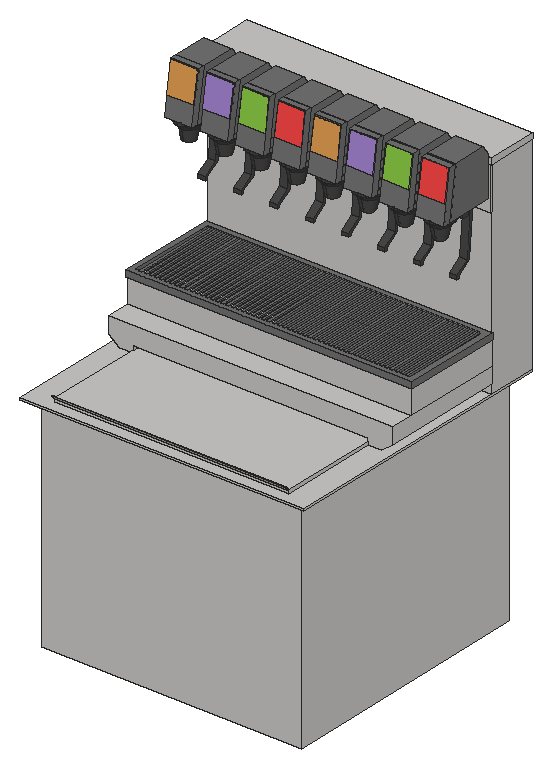
Revit family "QF_LANCER_ICD 2300", category Specialty Equipment, Revit 2012
Parameters
  Weight in Pounds = 0
  Watts = if(Phase = 3, Volts * FL Amps * 1.73, Volts * FL Amps)  # 0 W
  Waste Water Discharge Temperature [instance] = -459.67 °F
  Volts = 115 V
  URL Cutsheet = ""
  Type Mark [instance] = ""
  Status [instance] = ""
  Specification by User [instance] = ""
  Specification by Manufacturer = ""
  Show Clearance [instance] = yes
  Serial Number = ""
  Seismic Rating = ""
  SMACNA No = ""
  Revision Code [instance] = ""
  Plumbing Remarks [instance] = ""
  Plumbing Connection Type [instance] = ""
  Phase = 1
  Omniclass Number and Title = ""
  Number of Poles [instance] = 1
  NAFEM Spec ID Number = ""
  Model = "ICD 2300"
  Min Ckt Ampacity = 0 A
  Max Overcurrent Protection = 0 A
  Masterspec = ""
  Manufacturer = "LANCER"
  Item Number [instance] = ""
  Installed By [instance] = ""
  Indirect Waste Size = 3/4"
  Indirect Waste Flow [instance] = 0 GPM
  Indirect Waste Connection Type [instance] = ""
  Indirect Waste Connection Height = 0.000"
  Identify Quantity as Lot [instance] = yes
  HP = ""
  Furnished By [instance] = ""
  Foodservice Equipment Identifier [instance] = yes
  FL Amps = 0 A
  Electrical Remarks [instance] = ""
  Electric Connection Type [instance] = ""
  Elec Conn RI Height [instance] = 0.000"
  Elec Conn Connection Height [instance] = 0.000"
  Description = "ICE COOLED DROP IN DISPENSER"
  Cycle = 60 Hz
  Conn Plug = ""
  Conn Conduit = yes
  Cold Water Temperature Recommended [instance] = 0 °F
  Cold Water Size = 3/8"
  Cold Water RI Height [instance] = 0.000"
  Cold Water Minimum Pressure = 0.00 psi
  Cold Water Maximum Pressure = 0.00 psi
  Cold Water Flow [instance] = 0 GPM
  Cold Water Consumption = ""
  Cold Water Connection Height = 0.000"
  CSI MasterFormat = ""
  CSI Master Format = ""
  Apparent Power = if(Phase = 3, Volts * FL Amps * 1.73, Volts * FL Amps)  # 0 VA
Reference planes (in)
  plane 1 "BACK": y = 0
  plane 2: z = 0
  plane 3 "LEFT": x = 0
  plane 4 "RIGHT": x = 23
  plane 5 "FRONT": y = -23
  plane 6 "TOP": z = 36.25
  plane 7: x = 11.5
  plane 8: y = -11.5
  plane 9: z = 18
Forms (in)
  Extrusion 1, solid, material "QF_Finishes_Stainless Steel"
    sketch origin (0, 0, 0) x (1, 0, 0) y (0, 1, 0)
      loop
        line (1, -1) -> (1, -22) -> (22, -22) -> (22, -1) -> (1, -1)
    from 0 to 18
  Extrusion 2, solid, material "QF_Finishes_Stainless Steel"
    sketch origin (-16.16073, -180, 18) x (-1, 0, 0) y (0, -1, 0)
      loop
        line (-16.16073, -180) -> (-16.16073, -157) -> (-39.16073, -157) -> (-39.16073, -180) -> (-16.16073, -180)
    from 0 to 0.125
  Extrusion 3, solid, material "QF_Finishes_Stainless Steel"
    sketch origin (-16.16073, -180, 18) x (-1, 0, 0) y (0, -1, 0)
      loop
        line (-16.16073, -180) -> (-16.16073, -176) -> (-39.16073, -176) -> (-39.16073, -180) -> (-16.16073, -180)
    from 0 to 16.85
  Extrusion 4, solid, material "QF_Finishes_Stainless Steel"
    sketch origin (23, -4, 18) x (-1, 0, 0) y (0, 0, -1)
      loop
        line (22.08152, -0.125) -> (20.96875, -0.125) -> (20.96875, -0.625) -> (2.03125, -0.625) -> (2.03125, -0.125) -> (0.91848, -0.125) -> (0, -0.84669) -> (0, -2.125) -> (23, -2.125) -> (23, -0.84669) -> (22.08152, -0.125)
    from 0 to 10
  Extrusion 5, solid, material "QF_Finishes_Stainless Steel"
    sketch origin (0, -4, 20.125) x (1, 0, 0) y (0, 1, 0)
      loop
        line (0, 0) -> (0, -8.09495) -> (23, -8.09495) -> (23, 0) -> (0, 0)
    from 0 to 2
  Extrusion 6, solid, material "QF_Finishes_Dark Grey"
    sketch origin (0, -4, 22.125) x (1, 0, 0) y (0, 1, 0)
      loop
        line (0.375, -7.71995) -> (22.625, -7.71995) -> (22.625, -0.5) -> (0.375, -0.5) -> (0.375, -7.71995)
      loop
        line (-0.062, -8.15695) -> (23.062, -8.15695) -> (23.062, 0) -> (-0.062, 0) -> (-0.062, -8.15695)
    from 0 to 0.5
  Extrusion 7, solid, material "QF_Finishes_Dark Grey"
    sketch origin (0, -4, 22.625) x (1, 0, 0) y (0, 1, 0)
      loop
        line (0.63447, -7.71995) -> (0.80916, -7.71995) -> (0.80916, -0.5) -> (0.63447, -0.5) -> (0.63447, -7.71995)
      loop
        line (1.0491, -7.71995) -> (1.22379, -7.71995) -> (1.22379, -0.5) -> (1.0491, -0.5) -> (1.0491, -7.71995)
      loop
        line (1.46373, -7.71995) -> (1.63842, -7.71995) -> (1.63842, -0.5) -> (1.46373, -0.5) -> (1.46373, -7.71995)
      loop
        line (1.87836, -7.71995) -> (2.05306, -7.71995) -> (2.05306, -0.5) -> (1.87836, -0.5) -> (1.87836, -7.71995)
      loop
        line (2.29299, -7.71995) -> (2.46769, -7.71995) -> (2.46769, -0.5) -> (2.29299, -0.5) -> (2.29299, -7.71995)
      loop
        line (2.70762, -7.71995) -> (2.88232, -7.71995) -> (2.88232, -0.5) -> (2.70762, -0.5) -> (2.70762, -7.71995)
      loop
        line (3.12226, -7.71995) -> (3.29695, -7.71995) -> (3.29695, -0.5) -> (3.12226, -0.5) -> (3.12226, -7.71995)
      loop
        line (3.53689, -7.71995) -> (3.71158, -7.71995) -> (3.71158, -0.5) -> (3.53689, -0.5) -> (3.53689, -7.71995)
      loop
        line (3.95152, -7.71995) -> (4.12621, -7.71995) -> (4.12621, -0.5) -> (3.95152, -0.5) -> (3.95152, -7.71995)
      loop
        line (4.36615, -7.71995) -> (4.54084, -7.71995) -> (4.54084, -0.5) -> (4.36615, -0.5) -> (4.36615, -7.71995)
      loop
        line (4.78078, -7.71995) -> (4.95547, -7.71995) -> (4.95547, -0.5) -> (4.78078, -0.5) -> (4.78078, -7.71995)
      loop
        line (5.19541, -7.71995) -> (5.37011, -7.71995) -> (5.37011, -0.5) -> (5.19541, -0.5) -> (5.19541, -7.71995)
      loop
        line (5.61004, -7.71995) -> (5.78474, -7.71995) -> (5.78474, -0.5) -> (5.61004, -0.5) -> (5.61004, -7.71995)
      loop
        line (6.02467, -7.71995) -> (6.19937, -7.71995) -> (6.19937, -0.5) -> (6.02467, -0.5) -> (6.02467, -7.71995)
      loop
        line (6.4393, -7.71995) -> (6.614, -7.71995) -> (6.614, -0.5) -> (6.4393, -0.5) -> (6.4393, -7.71995)
      loop
        line (6.85394, -7.71995) -> (7.02863, -7.71995) -> (7.02863, -0.5) -> (6.85394, -0.5) -> (6.85394, -7.71995)
      loop
        line (7.26857, -7.71995) -> (7.44326, -7.71995) -> (7.44326, -0.5) -> (7.26857, -0.5) -> (7.26857, -7.71995)
      loop
        line (7.6832, -7.71995) -> (7.85789, -7.71995) -> (7.85789, -0.5) -> (7.6832, -0.5) -> (7.6832, -7.71995)
      loop
        line (8.09783, -7.71995) -> (8.27252, -7.71995) -> (8.27252, -0.5) -> (8.09783, -0.5) -> (8.09783, -7.71995)
      loop
        line (8.51246, -7.71995) -> (8.68716, -7.71995) -> (8.68716, -0.5) -> (8.51246, -0.5) -> (8.51246, -7.71995)
      loop
        line (8.92709, -7.71995) -> (9.10179, -7.71995) -> (9.10179, -0.5) -> (8.92709, -0.5) -> (8.92709, -7.71995)
      loop
        line (9.34172, -7.71995) -> (9.51642, -7.71995) -> (9.51642, -0.5) -> (9.34172, -0.5) -> (9.34172, -7.71995)
      loop
        line (9.75635, -7.71995) -> (9.93105, -7.71995) -> (9.93105, -0.5) -> (9.75635, -0.5) -> (9.75635, -7.71995)
      loop
        line (10.17099, -7.71995) -> (10.34568, -7.71995) -> (10.34568, -0.5) -> (10.17099, -0.5) -> (10.17099, -7.71995)
      loop
        line (10.58562, -7.71995) -> (10.76031, -7.71995) -> (10.76031, -0.5) -> (10.58562, -0.5) -> (10.58562, -7.71995)
      loop
        line (11.00025, -7.71995) -> (11.17494, -7.71995) -> (11.17494, -0.5) -> (11.00025, -0.5) -> (11.00025, -7.71995)
      loop
        line (11.41488, -7.71995) -> (11.58957, -7.71995) -> (11.58957, -0.5) -> (11.41488, -0.5) -> (11.41488, -7.71995)
      loop
        line (11.82951, -7.71995) -> (12.0042, -7.71995) -> (12.0042, -0.5) -> (11.82951, -0.5) -> (11.82951, -7.71995)
      loop
        line (12.24414, -7.71995) -> (12.41884, -7.71995) -> (12.41884, -0.5) -> (12.24414, -0.5) -> (12.24414, -7.71995)
      loop
        line (12.65877, -7.71995) -> (12.83347, -7.71995) -> (12.83347, -0.5) -> (12.65877, -0.5) -> (12.65877, -7.71995)
      loop
        line (13.0734, -7.71995) -> (13.2481, -7.71995) -> (13.2481, -0.5) -> (13.0734, -0.5) -> (13.0734, -7.71995)
      loop
        line (13.48804, -7.71995) -> (13.66273, -7.71995) -> (13.66273, -0.5) -> (13.48804, -0.5) -> (13.48804, -7.71995)
      loop
        line (13.90267, -7.71995) -> (14.07736, -7.71995) -> (14.07736, -0.5) -> (13.90267, -0.5) -> (13.90267, -7.71995)
      loop
        line (14.3173, -7.71995) -> (14.49199, -7.71995) -> (14.49199, -0.5) -> (14.3173, -0.5) -> (14.3173, -7.71995)
      loop
        line (14.73193, -7.71995) -> (14.90662, -7.71995) -> (14.90662, -0.5) -> (14.73193, -0.5) -> (14.73193, -7.71995)
      loop
        line (15.14656, -7.71995) -> (15.32125, -7.71995) -> (15.32125, -0.5) -> (15.14656, -0.5) -> (15.14656, -7.71995)
      loop
        line (15.56119, -7.71995) -> (15.73589, -7.71995) -> (15.73589, -0.5) -> (15.56119, -0.5) -> (15.56119, -7.71995)
      loop
        line (15.97582, -7.71995) -> (16.15052, -7.71995) -> (16.15052, -0.5) -> (15.97582, -0.5) -> (15.97582, -7.71995)
      loop
        line (16.39045, -7.71995) -> (16.56515, -7.71995) -> (16.56515, -0.5) -> (16.39045, -0.5) -> (16.39045, -7.71995)
      loop
        line (16.80508, -7.71995) -> (16.97978, -7.71995) -> (16.97978, -0.5) -> (16.80508, -0.5) -> (16.80508, -7.71995)
      loop
        line (17.21972, -7.71995) -> (17.39441, -7.71995) -> (17.39441, -0.5) -> (17.21972, -0.5) -> (17.21972, -7.71995)
      loop
        line (17.63435, -7.71995) -> (17.80904, -7.71995) -> (17.80904, -0.5) -> (17.63435, -0.5) -> (17.63435, -7.71995)
      loop
        line (18.04898, -7.71995) -> (18.22367, -7.71995) -> (18.22367, -0.5) -> (18.04898, -0.5) -> (18.04898, -7.71995)
      loop
        line (18.46361, -7.71995) -> (18.6383, -7.71995) -> (18.6383, -0.5) -> (18.46361, -0.5) -> (18.46361, -7.71995)
      loop
        line (18.87824, -7.71995) -> (19.05294, -7.71995) -> (19.05294, -0.5) -> (18.87824, -0.5) -> (18.87824, -7.71995)
      loop
        line (19.29287, -7.71995) -> (19.46757, -7.71995) -> (19.46757, -0.5) -> (19.29287, -0.5) -> (19.29287, -7.71995)
      loop
        line (19.7075, -7.71995) -> (19.8822, -7.71995) -> (19.8822, -0.5) -> (19.7075, -0.5) -> (19.7075, -7.71995)
      loop
        line (20.12213, -7.71995) -> (20.29683, -7.71995) -> (20.29683, -0.5) -> (20.12213, -0.5) -> (20.12213, -7.71995)
      loop
        line (20.53677, -7.71995) -> (20.71146, -7.71995) -> (20.71146, -0.5) -> (20.53677, -0.5) -> (20.53677, -7.71995)
      loop
        line (20.9514, -7.71995) -> (21.12609, -7.71995) -> (21.12609, -0.5) -> (20.9514, -0.5) -> (20.9514, -7.71995)
      loop
        line (21.36603, -7.71995) -> (21.54072, -7.71995) -> (21.54072, -0.5) -> (21.36603, -0.5) -> (21.36603, -7.71995)
      loop
        line (21.78066, -7.71995) -> (21.95535, -7.71995) -> (21.95535, -0.5) -> (21.78066, -0.5) -> (21.78066, -7.71995)
      loop
        line (22.19529, -7.71995) -> (22.36998, -7.71995) -> (22.36998, -0.5) -> (22.19529, -0.5) -> (22.19529, -7.71995)
    from 0 to -0.125
  Extrusion 8, solid, material "QF_Finishes_Stainless Steel"
    sketch origin (-16.16073, -180, 34.85) x (-1, 0, 0) y (0, -1, 0)
      loop
        line (-16.09873, -175.875) -> (-39.22273, -175.875) -> (-39.22273, -180.062) -> (-16.09873, -180.062) -> (-16.09873, -175.875)
    from 0 to 0.5
  Extrusion 9, solid, material "QF_Finishes_Stainless Steel"
    sketch origin (23, -4, 18) x (-1, 0, 0) y (0, 0, -1)
      loop
        line (20.5, -0.125) -> (2.03125, -0.125) -> (2.03125, -0.625) -> (20.5, -0.625) -> (20.5, -0.125)
    from 0 to 9
  Extrusion 10, solid, material "QF_Finishes_Stainless Steel"
    sketch origin (2.03125, -4, 18.125) x (0, 0, 1) y (0, -1, 0)
      loop
        line (0, 9) -> (0.25, 9) -> (0.25, 17.96094) -> (0.57338, 18.28431) -> (0.52883, 18.32886) -> (0.19997, 18) -> (0, 18) -> (0, 9)
    from 0 to 18.9375
  Extrusion 11, solid, material "QF_Finishes_Stainless Steel"
    sketch origin (23, -4, 18) x (-1, 0, 0) y (0, 0, -1)
      loop
        line (23, -16.85) -> (23, -13.35) -> (0, -13.35) -> (0, -16.85) -> (23, -16.85)
    from 0 to 0.125
  Extrusion 12, solid, material "QF_Finishes_Stainless Steel"
    sketch origin (5, -1, 0) x (1, 0, 0) y (0, 0, -1)
      loop
        circle (6.5, -2.16687) r 0.5
      loop
        circle (6.5, -4.66687) r 0.1875
    from 0 to -0.125
Lines and regions (in)
  symbolic lines
    curve 1: line (0, 0, 18) -> (23, 0, 18)
    curve 2: line (0, -23, 18) -> (0, 0, 18)
    curve 3: line (23, -23, 18) -> (0, -23, 18)
    curve 4: line (23, 0, 18) -> (23, -23, 18)
    curve 5: line (0, -12.15695, 18) -> (23, -12.15695, 18)
    curve 6: line (0, -14, 18) -> (23, -14, 18)
    curve 7: line (2.03125, -14, 18) -> (2.03125, -22.28431, 18)
    curve 8: line (20.96875, -22.28431, 18) -> (20.96875, -14, 18)
    curve 9: line (2.03125, -22.28431, 18) -> (20.96875, -22.28431, 18)
    curve 10: line (2.03125, -21.96094, 18) -> (20.96875, -21.96094, 18)
    curve 11: line (0.375, -11.71995, 18) -> (0.375, -8.63085, 18)
    curve 12: line (22.625, -11.71995, 18) -> (0.375, -11.71995, 18)
    curve 13: line (22.625, -8.63085, 18) -> (22.625, -11.71995, 18)
    curve 14: line (2.44756, -8.63085, 18) -> (0.19756, -8.63085, 18)
    curve 15: line (2.44756, -4.125, 18) -> (2.44756, -8.63085, 18)
    curve 16: line (0.19756, -8.63085, 18) -> (0.19756, -4.125, 18)
    curve 17: line (0.19756, -4.625, 18) -> (2.44756, -4.625, 18)
    curve 18: line (2.44756, -7.99564, 18) -> (0.19756, -7.99564, 18)
    curve 19: line (0.24756, -8.00341, 18) -> (0.24756, -8.41454, 18)
    curve 20: line (0.24756, -8.41454, 18) -> (2.39756, -8.41454, 18)
    curve 21: line (0.19756, -7.42572, 18) -> (2.44756, -7.42572, 18)
    curve 22: line (2.39756, -8.41454, 18) -> (2.39756, -8.00341, 18)
    curve 23: line (5.3554, -8.63085, 18) -> (3.1054, -8.63085, 18)
    curve 24: line (5.3554, -4.125, 18) -> (5.3554, -8.63085, 18)
    curve 25: line (3.1054, -8.63085, 18) -> (3.1054, -4.125, 18)
    curve 26: line (3.1054, -4.625, 18) -> (5.3554, -4.625, 18)
    curve 27: line (5.3554, -7.99564, 18) -> (3.1054, -7.99564, 18)
    curve 28: line (3.1554, -8.00341, 18) -> (3.1554, -8.41454, 18)
    curve 29: line (3.1554, -8.41454, 18) -> (5.3054, -8.41454, 18)
    curve 30: line (3.1054, -7.42572, 18) -> (5.3554, -7.42572, 18)
    curve 31: line (5.3054, -8.41454, 18) -> (5.3054, -8.00341, 18)
    curve 32: line (8.26324, -8.63085, 18) -> (6.01324, -8.63085, 18)
    curve 33: line (8.26324, -4.125, 18) -> (8.26324, -8.63085, 18)
    curve 34: line (6.01324, -8.63085, 18) -> (6.01324, -4.125, 18)
    curve 35: line (6.01324, -4.625, 18) -> (8.26324, -4.625, 18)
    curve 36: line (8.26324, -7.99564, 18) -> (6.01324, -7.99564, 18)
    curve 37: line (6.06324, -8.00341, 18) -> (6.06324, -8.41454, 18)
    curve 38: line (6.06324, -8.41454, 18) -> (8.21324, -8.41454, 18)
    curve 39: line (6.01324, -7.42572, 18) -> (8.26324, -7.42572, 18)
    curve 40: line (8.21324, -8.41454, 18) -> (8.21324, -8.00341, 18)
    curve 41: line (11.17108, -8.63085, 18) -> (8.92108, -8.63085, 18)
    curve 42: line (11.17108, -4.125, 18) -> (11.17108, -8.63085, 18)
    curve 43: line (8.92108, -8.63085, 18) -> (8.92108, -4.125, 18)
    curve 44: line (8.92108, -4.625, 18) -> (11.17108, -4.625, 18)
    curve 45: line (11.17108, -7.99564, 18) -> (8.92108, -7.99564, 18)
    curve 46: line (8.97108, -8.00341, 18) -> (8.97108, -8.41454, 18)
    curve 47: line (8.97108, -8.41454, 18) -> (11.12108, -8.41454, 18)
    curve 48: line (8.92108, -7.42572, 18) -> (11.17108, -7.42572, 18)
    curve 49: line (11.12108, -8.41454, 18) -> (11.12108, -8.00341, 18)
    curve 50: line (14.07892, -8.63085, 18) -> (11.82892, -8.63085, 18)
    curve 51: line (14.07892, -4.125, 18) -> (14.07892, -8.63085, 18)
    curve 52: line (11.82892, -8.63085, 18) -> (11.82892, -4.125, 18)
    curve 53: line (11.82892, -4.625, 18) -> (14.07892, -4.625, 18)
    curve 54: line (14.07892, -7.99564, 18) -> (11.82892, -7.99564, 18)
    curve 55: line (11.87892, -8.00341, 18) -> (11.87892, -8.41454, 18)
    curve 56: line (11.87892, -8.41454, 18) -> (14.02892, -8.41454, 18)
    curve 57: line (11.82892, -7.42572, 18) -> (14.07892, -7.42572, 18)
    curve 58: line (14.02892, -8.41454, 18) -> (14.02892, -8.00341, 18)
    curve 59: line (16.98676, -8.63085, 18) -> (14.73676, -8.63085, 18)
    curve 60: line (16.98676, -4.125, 18) -> (16.98676, -8.63085, 18)
    curve 61: line (14.73676, -8.63085, 18) -> (14.73676, -4.125, 18)
    curve 62: line (14.73676, -4.625, 18) -> (16.98676, -4.625, 18)
    curve 63: line (16.98676, -7.99564, 18) -> (14.73676, -7.99564, 18)
    curve 64: line (14.78676, -8.00341, 18) -> (14.78676, -8.41454, 18)
    curve 65: line (14.78676, -8.41454, 18) -> (16.93676, -8.41454, 18)
    curve 66: line (14.73676, -7.42572, 18) -> (16.98676, -7.42572, 18)
    curve 67: line (16.93676, -8.41454, 18) -> (16.93676, -8.00341, 18)
    curve 68: line (19.8946, -8.63085, 18) -> (17.6446, -8.63085, 18)
    curve 69: line (19.8946, -4.125, 18) -> (19.8946, -8.63085, 18)
    curve 70: line (17.6446, -8.63085, 18) -> (17.6446, -4.125, 18)
    curve 71: line (17.6446, -4.625, 18) -> (19.8946, -4.625, 18)
    curve 72: line (19.8946, -7.99564, 18) -> (17.6446, -7.99564, 18)
    curve 73: line (17.6946, -8.00341, 18) -> (17.6946, -8.41454, 18)
    curve 74: line (17.6946, -8.41454, 18) -> (19.8446, -8.41454, 18)
    curve 75: line (17.6446, -7.42572, 18) -> (19.8946, -7.42572, 18)
    curve 76: line (19.8446, -8.41454, 18) -> (19.8446, -8.00341, 18)
    curve 77: line (22.80244, -8.63085, 18) -> (20.55244, -8.63085, 18)
    curve 78: line (22.80244, -4.125, 18) -> (22.80244, -8.63085, 18)
    curve 79: line (20.55244, -8.63085, 18) -> (20.55244, -4.125, 18)
    curve 80: line (20.55244, -4.625, 18) -> (22.80244, -4.625, 18)
    curve 81: line (22.80244, -7.99564, 18) -> (20.55244, -7.99564, 18)
    curve 82: line (20.60244, -8.00341, 18) -> (20.60244, -8.41454, 18)
    curve 83: line (20.60244, -8.41454, 18) -> (22.75244, -8.41454, 18)
    curve 84: line (20.55244, -7.42572, 18) -> (22.80244, -7.42572, 18)
    curve 85: line (22.75244, -8.41454, 18) -> (22.75244, -8.00341, 18)
    curve 86: line (-0.062, -4.125, 18) -> (23.062, -4.125, 18)
    curve 87: line (0.63447, -8.63085, 16.125) -> (0.63447, -11.71995, 16.125)
    curve 88: line (0.80916, -11.71995, 16.125) -> (0.80916, -8.63085, 16.125)
    curve 89: line (1.0491, -8.63085, 16.125) -> (1.0491, -11.71995, 16.125)
    curve 90: line (1.22379, -11.71995, 16.125) -> (1.22379, -8.63085, 16.125)
    curve 91: line (1.46373, -8.63085, 16.125) -> (1.46373, -11.71995, 16.125)
    curve 92: line (1.63842, -11.71995, 16.125) -> (1.63842, -8.63085, 16.125)
    curve 93: line (1.87836, -8.63085, 16.125) -> (1.87836, -11.71995, 16.125)
    curve 94: line (2.05306, -11.71995, 16.125) -> (2.05306, -8.63085, 16.125)
    curve 95: line (2.29299, -8.63085, 16.125) -> (2.29299, -11.71995, 16.125)
    curve 96: line (2.46769, -11.71995, 16.125) -> (2.46769, -8.63085, 16.125)
    curve 97: line (2.70762, -4.125, 16.125) -> (2.70762, -11.71995, 16.125)
    curve 98: line (2.88232, -11.71995, 16.125) -> (2.88232, -4.125, 16.125)
    curve 99: line (3.12226, -8.63085, 16.125) -> (3.12226, -11.71995, 16.125)
    curve 100: line (3.29695, -11.71995, 16.125) -> (3.29695, -8.63085, 16.125)
    curve 101: line (3.53689, -8.63085, 16.125) -> (3.53689, -11.71995, 16.125)
    curve 102: line (3.71158, -11.71995, 16.125) -> (3.71158, -8.63085, 16.125)
    curve 103: line (3.95152, -8.63085, 16.125) -> (3.95152, -11.71995, 16.125)
    curve 104: line (4.12621, -11.71995, 16.125) -> (4.12621, -8.63085, 16.125)
    curve 105: line (4.36615, -8.63085, 16.125) -> (4.36615, -11.71995, 16.125)
    curve 106: line (4.54084, -11.71995, 16.125) -> (4.54084, -8.63085, 16.125)
    curve 107: line (4.78078, -8.63085, 16.125) -> (4.78078, -11.71995, 16.125)
    curve 108: line (4.95547, -11.71995, 16.125) -> (4.95547, -8.63085, 16.125)
    curve 109: line (5.19541, -8.63085, 16.125) -> (5.19541, -11.71995, 16.125)
    curve 110: line (5.37011, -11.71995, 16.125) -> (5.37011, -8.63085, 16.125)
    curve 111: line (5.61004, -4.125, 16.125) -> (5.61004, -11.71995, 16.125)
    curve 112: line (5.78474, -11.71995, 16.125) -> (5.78474, -4.125, 16.125)
    curve 113: line (6.02467, -8.63085, 16.125) -> (6.02467, -11.71995, 16.125)
    curve 114: line (6.19937, -11.71995, 16.125) -> (6.19937, -8.63085, 16.125)
    curve 115: line (6.4393, -8.63085, 16.125) -> (6.4393, -11.71995, 16.125)
    curve 116: line (6.614, -11.71995, 16.125) -> (6.614, -8.63085, 16.125)
    curve 117: line (6.85394, -8.63085, 16.125) -> (6.85394, -11.71995, 16.125)
    curve 118: line (7.02863, -11.71995, 16.125) -> (7.02863, -8.63085, 16.125)
    curve 119: line (7.26857, -8.63085, 16.125) -> (7.26857, -11.71995, 16.125)
    curve 120: line (7.44326, -11.71995, 16.125) -> (7.44326, -8.63085, 16.125)
    curve 121: line (7.6832, -8.63085, 16.125) -> (7.6832, -11.71995, 16.125)
    curve 122: line (7.85789, -11.71995, 16.125) -> (7.85789, -8.63085, 16.125)
    curve 123: line (8.09783, -8.63085, 16.125) -> (8.09783, -11.71995, 16.125)
    curve 124: line (8.27252, -11.71995, 16.125) -> (8.27252, -8.63085, 16.125)
    curve 125: line (8.51246, -4.125, 16.125) -> (8.51246, -11.71995, 16.125)
    curve 126: line (8.68716, -11.71995, 16.125) -> (8.68716, -4.125, 16.125)
    curve 127: line (8.92709, -8.63085, 16.125) -> (8.92709, -11.71995, 16.125)
    curve 128: line (9.10179, -11.71995, 16.125) -> (9.10179, -8.63085, 16.125)
    curve 129: line (9.34172, -8.63085, 16.125) -> (9.34172, -11.71995, 16.125)
    curve 130: line (9.51642, -11.71995, 16.125) -> (9.51642, -8.63085, 16.125)
    curve 131: line (9.75635, -8.63085, 16.125) -> (9.75635, -11.71995, 16.125)
    curve 132: line (9.93105, -11.71995, 16.125) -> (9.93105, -8.63085, 16.125)
    curve 133: line (10.17099, -8.63085, 16.125) -> (10.17099, -11.71995, 16.125)
    curve 134: line (10.34568, -11.71995, 16.125) -> (10.34568, -8.63085, 16.125)
    curve 135: line (10.58562, -8.63085, 16.125) -> (10.58562, -11.71995, 16.125)
    curve 136: line (10.76031, -11.71995, 16.125) -> (10.76031, -8.63085, 16.125)
    curve 137: line (11.00025, -8.63085, 16.125) -> (11.00025, -11.71995, 16.125)
    curve 138: line (11.17494, -11.71995, 16.125) -> (11.17494, -8.63085, 16.125)
    curve 139: line (11.41488, -4.125, 16.125) -> (11.41488, -11.71995, 16.125)
    curve 140: line (11.58957, -11.71995, 16.125) -> (11.58957, -4.125, 16.125)
    curve 141: line (11.82951, -8.63085, 16.125) -> (11.82951, -11.71995, 16.125)
    curve 142: line (12.0042, -11.71995, 16.125) -> (12.0042, -8.63085, 16.125)
    curve 143: line (12.24414, -8.63085, 16.125) -> (12.24414, -11.71995, 16.125)
    curve 144: line (12.41884, -11.71995, 16.125) -> (12.41884, -8.63085, 16.125)
    curve 145: line (12.65877, -8.63085, 16.125) -> (12.65877, -11.71995, 16.125)
    curve 146: line (12.83347, -11.71995, 16.125) -> (12.83347, -8.63085, 16.125)
    curve 147: line (13.0734, -8.63085, 16.125) -> (13.0734, -11.71995, 16.125)
    curve 148: line (13.2481, -11.71995, 16.125) -> (13.2481, -8.63085, 16.125)
    curve 149: line (13.48804, -8.63085, 16.125) -> (13.48804, -11.71995, 16.125)
    curve 150: line (13.66273, -11.71995, 16.125) -> (13.66273, -8.63085, 16.125)
    curve 151: line (13.90267, -8.63085, 16.125) -> (13.90267, -11.71995, 16.125)
    curve 152: line (14.07736, -11.71995, 16.125) -> (14.07736, -8.63085, 16.125)
    curve 153: line (14.3173, -4.125, 16.125) -> (14.3173, -11.71995, 16.125)
    curve 154: line (14.49199, -11.71995, 16.125) -> (14.49199, -4.125, 16.125)
    curve 155: line (14.73193, -8.63085, 16.125) -> (14.73193, -11.71995, 16.125)
    curve 156: line (14.90662, -11.71995, 16.125) -> (14.90662, -8.63085, 16.125)
    curve 157: line (15.14656, -8.63085, 16.125) -> (15.14656, -11.71995, 16.125)
    curve 158: line (15.32125, -11.71995, 16.125) -> (15.32125, -8.63085, 16.125)
    curve 159: line (15.56119, -8.63085, 16.125) -> (15.56119, -11.71995, 16.125)
    curve 160: line (15.73589, -11.71995, 16.125) -> (15.73589, -8.63085, 16.125)
    curve 161: line (15.97582, -8.63085, 16.125) -> (15.97582, -11.71995, 16.125)
    curve 162: line (16.15052, -11.71995, 16.125) -> (16.15052, -8.63085, 16.125)
    curve 163: line (16.39045, -8.63085, 16.125) -> (16.39045, -11.71995, 16.125)
    curve 164: line (16.56515, -11.71995, 16.125) -> (16.56515, -8.63085, 16.125)
    curve 165: line (16.80508, -8.63085, 16.125) -> (16.80508, -11.71995, 16.125)
    curve 166: line (16.97978, -11.71995, 16.125) -> (16.97978, -8.63085, 16.125)
    curve 167: line (17.21972, -4.125, 16.125) -> (17.21972, -11.71995, 16.125)
    curve 168: line (17.39441, -11.71995, 16.125) -> (17.39441, -4.125, 16.125)
    curve 169: line (17.63435, -8.63085, 16.125) -> (17.63435, -11.71995, 16.125)
    curve 170: line (17.80904, -11.71995, 16.125) -> (17.80904, -8.63085, 16.125)
    curve 171: line (18.04898, -8.63085, 16.125) -> (18.04898, -11.71995, 16.125)
    curve 172: line (18.22367, -11.71995, 16.125) -> (18.22367, -8.63085, 16.125)
    curve 173: line (18.46361, -8.63085, 16.125) -> (18.46361, -11.71995, 16.125)
    curve 174: line (18.6383, -11.71995, 16.125) -> (18.6383, -8.63085, 16.125)
    curve 175: line (18.87824, -8.63085, 16.125) -> (18.87824, -11.71995, 16.125)
    curve 176: line (19.05294, -11.71995, 16.125) -> (19.05294, -8.63085, 16.125)
    curve 177: line (19.29287, -8.63085, 16.125) -> (19.29287, -11.71995, 16.125)
    curve 178: line (19.46757, -11.71995, 16.125) -> (19.46757, -8.63085, 16.125)
    curve 179: line (19.7075, -8.63085, 16.125) -> (19.7075, -11.71995, 16.125)
    curve 180: line (19.8822, -11.71995, 16.125) -> (19.8822, -8.63085, 16.125)
    curve 181: line (20.12213, -4.125, 16.125) -> (20.12213, -11.71995, 16.125)
    curve 182: line (20.29683, -11.71995, 16.125) -> (20.29683, -4.125, 16.125)
    curve 183: line (20.53677, -8.63085, 16.125) -> (20.53677, -11.71995, 16.125)
    curve 184: line (20.71146, -11.71995, 16.125) -> (20.71146, -8.63085, 16.125)
    curve 185: line (20.9514, -8.63085, 16.125) -> (20.9514, -11.71995, 16.125)
    curve 186: line (21.12609, -11.71995, 16.125) -> (21.12609, -8.63085, 16.125)
    curve 187: line (21.36603, -8.63085, 16.125) -> (21.36603, -11.71995, 16.125)
    curve 188: line (21.54072, -11.71995, 16.125) -> (21.54072, -8.63085, 16.125)
    curve 189: line (21.78066, -8.63085, 16.125) -> (21.78066, -11.71995, 16.125)
    curve 190: line (21.95535, -11.71995, 16.125) -> (21.95535, -8.63085, 16.125)
    curve 191: line (22.19529, -8.63085, 16.125) -> (22.19529, -11.71995, 16.125)
    curve 192: line (22.36998, -11.71995, 16.125) -> (22.36998, -8.63085, 16.125)
Dimensions and locks (in)
  plane 3 "LEFT" to plane 4 "RIGHT" = 23.000"
  plane 5 "FRONT" to plane 1 "BACK" = 23.000"
  equal spacing: plane 3 "LEFT", plane 7, plane 4 "RIGHT"
  equal spacing: plane 5 "FRONT", plane 8, plane 1 "BACK"
  plane 6 "TOP" to plane 9 to level = 18.250", 18.000"
  plane 6 "TOP" to level = 36.250"
  aligned and locked: level to plane 2
  aligned and locked: Extrusion 1 to plane 9
Automatic sketch dimensions
  plane 3 "LEFT" to Extrusion 1 sketch curve = 1.000"
  plane 4 "RIGHT" to Extrusion 1 sketch curve = 1.000"
  Extrusion 1 sketch curve to plane 5 "FRONT" = 1.000"
  plane 1 "BACK" to Extrusion 1 sketch curve = 1.000"
  plane 1 "BACK" to Extrusion 2 sketch curve = 0.000"
  Extrusion 2 sketch curve to plane 4 "RIGHT" = 0.000"
  Extrusion 2 sketch curve to plane 3 "LEFT" = 0.000"
  plane 5 "FRONT" to Extrusion 2 sketch curve = 0.000"
  plane 1 "BACK" to Extrusion 3 sketch curve = 0.000"
  Extrusion 3 sketch curve to plane 4 "RIGHT" = 0.000"
  Extrusion 3 sketch curve to plane 3 "LEFT" = 0.000"
  Extrusion 3 sketch curve to Extrusion 3 sketch curve = 4.000"
  Extrusion 3 to Extrusion 8 sketch curve = 0.062"  (x3)
  Extrusion 3 to Extrusion 8 sketch curve = 0.125"
  Extrusion 4 sketch curve to Extrusion 3 = 0.000"  (x2)
  Extrusion 3 to Extrusion 4 sketch curve = 0.125"  (x2)
  Extrusion 4 sketch curve to Extrusion 3 = 0.91848"
  Extrusion 4 sketch curve to Extrusion 4 sketch curve = 1.11277"
  Extrusion 3 to Extrusion 4 sketch curve = 2.03125"
  Extrusion 3 to Extrusion 4 sketch curve = 0.91848"
  Extrusion 4 sketch curve to Extrusion 4 sketch curve = 0.500"
  Extrusion 3 to Extrusion 4 sketch curve = 0.84669"  (x2)
  Extrusion 4 sketch curve to Extrusion 4 sketch curve = 1.27831"
  Extrusion 5 sketch curve to Extrusion 4 = 0.000"  (x3)
  Extrusion 4 to Extrusion 5 sketch curve = 1.90505"
  Extrusion 6 sketch curve to Extrusion 5 = 0.000"
  Extrusion 5 to Extrusion 6 sketch curve = 0.062"  (x3)
  Extrusion 6 sketch curve to Extrusion 5 = 0.375"  (x3)
  Extrusion 6 sketch curve to Extrusion 5 = 0.500"
  Extrusion 6 to Extrusion 7 sketch curve = 0.000"  (x53)
  Extrusion 7 sketch curve to Extrusion 6 = 0.000"  (x53)
  Extrusion 6 to Extrusion 7 sketch curve = 0.25947"
  Extrusion 7 sketch curve to Extrusion 7 sketch curve = 0.17469"  (x53)
  Extrusion 7 sketch curve to Extrusion 7 sketch curve = 0.23994"  (x52)
  Extrusion 3 to Extrusion 9 sketch curve = 0.125"
  Extrusion 9 sketch curve to Extrusion 3 = 2.03125"
  Extrusion 3 to Extrusion 9 sketch curve = 0.625"
  Extrusion 3 to Extrusion 9 sketch curve = 2.500"
  Extrusion 10 sketch curve to Extrusion 4 = 0.000"
  Extrusion 10 sketch curve to Extrusion 10 sketch curve = 0.19997"
  Extrusion 10 sketch curve to Extrusion 10 sketch curve = 0.05003"
  Extrusion 4 to Extrusion 10 sketch curve = 0.02883"
  Extrusion 10 sketch curve to Extrusion 10 sketch curve = 0.04455"
  Extrusion 4 to Extrusion 10 sketch curve = 1.000"
  Extrusion 10 sketch curve to Extrusion 4 = 7.96094"
  Extrusion 10 sketch curve to Extrusion 10 sketch curve = 0.03906"
  Extrusion 11 sketch curve to Extrusion 3 = 0.000"  (x3)
  Extrusion 3 to Extrusion 11 sketch curve = 3.500"
  Extrusion 1 to Extrusion 12 sketch curve = 4.66687"
  Extrusion 12 sketch curve to Extrusion 1 = 10.500"
  Extrusion 12 sketch curve to Extrusion 12 sketch curve = 0.000"
  Extrusion 1 to Extrusion 12 sketch curve = 2.16687"
  curve 192 to curve 191 = 0.17469"
  curve 191 to curve 190 = 0.23994"
  curve 190 to curve 189 = 0.17469"
  curve 189 to curve 188 = 0.23994"
  curve 188 to curve 187 = 0.17469"
  curve 187 to curve 186 = 0.23994"
  curve 186 to curve 185 = 0.17469"
  curve 185 to curve 184 = 0.23994"
  curve 184 to curve 183 = 0.17469"
  curve 183 to curve 182 = 0.23994"
  curve 182 to curve 181 = 0.17469"
  curve 181 to curve 180 = 0.23994"
  curve 180 to curve 179 = 0.17469"
  curve 179 to curve 178 = 0.23994"
  curve 178 to curve 177 = 0.17469"
  curve 177 to curve 176 = 0.23994"
  curve 176 to curve 175 = 0.17469"
  curve 175 to curve 174 = 0.23994"
  curve 174 to curve 173 = 0.17469"
  curve 173 to curve 172 = 0.23994"
  curve 172 to curve 171 = 0.17469"
  curve 171 to curve 170 = 0.23994"
  curve 170 to curve 169 = 0.17469"
  curve 169 to curve 168 = 0.23994"
  curve 168 to curve 167 = 0.17469"
  curve 167 to curve 166 = 0.23994"
  curve 166 to curve 165 = 0.17469"
  curve 165 to curve 164 = 0.23994"
  curve 164 to curve 163 = 0.17469"
  curve 163 to curve 162 = 0.23994"
  curve 162 to curve 161 = 0.17469"
  curve 161 to curve 160 = 0.23994"
  curve 160 to curve 159 = 0.17469"
  curve 159 to curve 158 = 0.23994"
  curve 158 to curve 157 = 0.17469"
  curve 157 to curve 156 = 0.23994"
  curve 156 to curve 155 = 0.17469"
  curve 155 to curve 154 = 0.23994"
  curve 154 to curve 153 = 0.17469"
  curve 153 to curve 152 = 0.23994"
  curve 152 to curve 151 = 0.17469"
  curve 151 to curve 150 = 0.23994"
  curve 150 to curve 149 = 0.17469"
  curve 149 to curve 148 = 0.23994"
  curve 148 to curve 147 = 0.17469"
  curve 147 to curve 146 = 0.23994"
  curve 146 to curve 145 = 0.17469"
  curve 145 to curve 144 = 0.23994"
  curve 144 to curve 143 = 0.17469"
  curve 143 to curve 142 = 0.23994"
  curve 142 to curve 141 = 0.17469"
  plane 7 to curve 140 = 0.08957"
  curve 139 to plane 7 = 0.08512"
  curve 139 to curve 138 = 0.23994"
  curve 138 to curve 137 = 0.17469"
  curve 137 to curve 136 = 0.23994"
  curve 136 to curve 135 = 0.17469"
  curve 135 to curve 134 = 0.23994"
  curve 134 to curve 133 = 0.17469"
  curve 133 to curve 132 = 0.23994"
  curve 132 to curve 131 = 0.17469"
  curve 131 to curve 130 = 0.23994"
  curve 130 to curve 129 = 0.17469"
  curve 129 to curve 128 = 0.23994"
  curve 128 to curve 127 = 0.17469"
  curve 127 to curve 126 = 0.23994"
  curve 126 to curve 125 = 0.17469"
  curve 125 to curve 124 = 0.23994"
  curve 124 to curve 123 = 0.17469"
  curve 123 to curve 122 = 0.23994"
  curve 122 to curve 121 = 0.17469"
  curve 121 to curve 120 = 0.23994"
  curve 120 to curve 119 = 0.17469"
  curve 119 to curve 118 = 0.23994"
  curve 118 to curve 117 = 0.17469"
  curve 117 to curve 116 = 0.23994"
  curve 116 to curve 115 = 0.17469"
  curve 115 to curve 114 = 0.23994"
  curve 114 to curve 113 = 0.17469"
  curve 113 to curve 112 = 0.23994"
  curve 112 to curve 111 = 0.17469"
  curve 111 to curve 110 = 0.23994"
  curve 110 to curve 109 = 0.17469"
  curve 109 to curve 108 = 0.23994"
  curve 108 to curve 107 = 0.17469"
  curve 107 to curve 106 = 0.23994"
  curve 106 to curve 105 = 0.17469"
  curve 105 to curve 104 = 0.23994"
  curve 104 to curve 103 = 0.17469"
  curve 103 to curve 102 = 0.23994"
  curve 102 to curve 101 = 0.17469"
  curve 101 to curve 100 = 0.23994"
  curve 100 to curve 99 = 0.17469"
  curve 99 to curve 98 = 0.23994"
  curve 98 to curve 97 = 0.17469"
  curve 97 to curve 96 = 0.23994"
  curve 96 to curve 95 = 0.17469"
  curve 95 to curve 94 = 0.23994"
  curve 94 to curve 93 = 0.17469"
  curve 93 to curve 92 = 0.23994"
  curve 92 to curve 91 = 0.17469"
  curve 91 to curve 90 = 0.23994"
  curve 90 to curve 89 = 0.17469"
  curve 89 to curve 88 = 0.23994"
  curve 88 to curve 87 = 0.17469"
  curve 87 to plane 8 = 0.21995"
  curve 87 to curve 88 = 0.000"  (x2)
  curve 89 to plane 8 = 0.21995"
  curve 89 to curve 90 = 0.000"  (x2)
  curve 91 to plane 8 = 0.21995"
  curve 91 to curve 92 = 0.000"  (x2)
  curve 93 to plane 8 = 0.21995"
  curve 93 to curve 94 = 0.000"  (x2)
  curve 95 to plane 8 = 0.21995"
  curve 95 to curve 96 = 0.000"  (x2)
  curve 97 to plane 8 = 0.21995"
  curve 97 to curve 98 = 0.000"  (x2)
  curve 99 to plane 8 = 0.21995"
  curve 99 to curve 100 = 0.000"  (x2)
  curve 101 to plane 8 = 0.21995"
  curve 101 to curve 102 = 0.000"  (x2)
  curve 103 to plane 8 = 0.21995"
  curve 103 to curve 104 = 0.000"  (x2)
  curve 105 to plane 8 = 0.21995"
  curve 105 to curve 106 = 0.000"  (x2)
  curve 107 to plane 8 = 0.21995"
  curve 107 to curve 108 = 0.000"  (x2)
  curve 109 to plane 8 = 0.21995"
  curve 109 to curve 110 = 0.000"  (x2)
  curve 111 to plane 8 = 0.21995"
  curve 111 to curve 112 = 0.000"  (x2)
  curve 113 to plane 8 = 0.21995"
  curve 113 to curve 114 = 0.000"  (x2)
  curve 115 to plane 8 = 0.21995"
  curve 115 to curve 116 = 0.000"  (x2)
  curve 192 to plane 8 = 0.21995"
  curve 191 to curve 192 = 0.000"  (x2)
  curve 117 to plane 8 = 0.21995"
  curve 117 to curve 118 = 0.000"  (x2)
  curve 190 to plane 8 = 0.21995"
  curve 189 to curve 190 = 0.000"  (x2)
  curve 119 to plane 8 = 0.21995"
  curve 119 to curve 120 = 0.000"  (x2)
  curve 188 to plane 8 = 0.21995"
  curve 187 to curve 188 = 0.000"  (x2)
  curve 121 to plane 8 = 0.21995"
  curve 121 to curve 122 = 0.000"  (x2)
  curve 186 to plane 8 = 0.21995"
  curve 185 to curve 186 = 0.000"  (x2)
  curve 123 to plane 8 = 0.21995"
  curve 123 to curve 124 = 0.000"  (x2)
  curve 184 to plane 8 = 0.21995"
  curve 183 to curve 184 = 0.000"  (x2)
  curve 125 to plane 8 = 0.21995"
  curve 125 to curve 126 = 0.000"  (x2)
  curve 182 to plane 8 = 0.21995"
  curve 181 to curve 182 = 0.000"  (x2)
  curve 127 to plane 8 = 0.21995"
  curve 127 to curve 128 = 0.000"  (x2)
  curve 180 to plane 8 = 0.21995"
  curve 179 to curve 180 = 0.000"  (x2)
  curve 129 to plane 8 = 0.21995"
  curve 129 to curve 130 = 0.000"  (x2)
  curve 178 to plane 8 = 0.21995"
  curve 177 to curve 178 = 0.000"  (x2)
  curve 131 to plane 8 = 0.21995"
  curve 131 to curve 132 = 0.000"  (x2)
  curve 176 to plane 8 = 0.21995"
  curve 175 to curve 176 = 0.000"  (x2)
  curve 133 to plane 8 = 0.21995"
  curve 133 to curve 134 = 0.000"  (x2)
  curve 174 to plane 8 = 0.21995"
  curve 173 to curve 174 = 0.000"  (x2)
  curve 135 to plane 8 = 0.21995"
  curve 135 to curve 136 = 0.000"  (x2)
  curve 172 to plane 8 = 0.21995"
  curve 171 to curve 172 = 0.000"  (x2)
  curve 137 to plane 8 = 0.21995"
  curve 137 to curve 138 = 0.000"  (x2)
  curve 170 to plane 8 = 0.21995"
  curve 169 to curve 170 = 0.000"  (x2)
  curve 139 to plane 8 = 0.21995"
  curve 139 to curve 140 = 0.000"  (x2)
  curve 168 to plane 8 = 0.21995"
  curve 167 to curve 168 = 0.000"  (x2)
  curve 141 to plane 8 = 0.21995"
  curve 141 to curve 142 = 0.000"  (x2)
  curve 166 to plane 8 = 0.21995"
  curve 165 to curve 166 = 0.000"  (x2)
  curve 143 to plane 8 = 0.21995"
  curve 143 to curve 144 = 0.000"  (x2)
  curve 164 to plane 8 = 0.21995"
  curve 163 to curve 164 = 0.000"  (x2)
  curve 145 to plane 8 = 0.21995"
  curve 145 to curve 146 = 0.000"  (x2)
  curve 162 to plane 8 = 0.21995"
  curve 161 to curve 162 = 0.000"  (x2)
  curve 147 to plane 8 = 0.21995"
  curve 147 to curve 148 = 0.000"  (x2)
  curve 160 to plane 8 = 0.21995"
  curve 159 to curve 160 = 0.000"  (x2)
  curve 149 to plane 8 = 0.21995"
  curve 149 to curve 150 = 0.000"  (x2)
  curve 158 to plane 8 = 0.21995"
  curve 157 to curve 158 = 0.000"  (x2)
  curve 151 to plane 8 = 0.21995"
  curve 151 to curve 152 = 0.000"  (x2)
  curve 156 to plane 8 = 0.21995"
  curve 155 to curve 156 = 0.000"  (x2)
  curve 153 to plane 8 = 0.21995"
  plane 8 to curve 154 = 7.375"
  curve 154 to curve 155 = 4.50585"
  curve 153 to curve 154 = 0.000"  (x2)
  curve 153 to curve 152 = 4.50585"
  curve 156 to curve 157 = 0.000"
  curve 150 to curve 151 = 0.000"
  curve 158 to curve 159 = 0.000"
  curve 148 to curve 149 = 0.000"
  curve 160 to curve 161 = 0.000"
  curve 146 to curve 147 = 0.000"
  curve 162 to curve 163 = 0.000"
  curve 144 to curve 145 = 0.000"
  curve 164 to curve 165 = 0.000"
  curve 142 to curve 143 = 0.000"
  curve 167 to curve 166 = 4.50585"
  curve 140 to curve 141 = 4.50585"
  curve 168 to curve 169 = 4.50585"
  curve 139 to curve 138 = 4.50585"
  curve 170 to curve 171 = 0.000"
  curve 136 to curve 137 = 0.000"
  curve 172 to curve 173 = 0.000"
  curve 134 to curve 135 = 0.000"
  curve 174 to curve 175 = 0.000"
  curve 132 to curve 133 = 0.000"
  curve 176 to curve 177 = 0.000"
  curve 130 to curve 131 = 0.000"
  curve 178 to curve 179 = 0.000"
  curve 128 to curve 129 = 0.000"
  curve 181 to curve 180 = 4.50585"
  curve 126 to curve 127 = 4.50585"
  curve 182 to curve 183 = 4.50585"
  curve 125 to curve 124 = 4.50585"
  curve 184 to curve 185 = 0.000"
  curve 122 to curve 123 = 0.000"
  curve 186 to curve 187 = 0.000"
  curve 120 to curve 121 = 0.000"
  curve 188 to curve 189 = 0.000"
  curve 118 to curve 119 = 0.000"
  curve 190 to curve 191 = 0.000"
  curve 116 to curve 117 = 0.000"
  curve 114 to curve 115 = 0.000"
  curve 112 to curve 113 = 4.50585"
  curve 111 to curve 110 = 4.50585"
  curve 108 to curve 109 = 0.000"
  curve 106 to curve 107 = 0.000"
  curve 104 to curve 105 = 0.000"
  curve 102 to curve 103 = 0.000"
  curve 100 to curve 101 = 0.000"
  curve 98 to curve 99 = 4.50585"
  curve 97 to curve 96 = 4.50585"
  curve 94 to curve 95 = 0.000"
  curve 92 to curve 93 = 0.000"
  curve 90 to curve 91 = 0.000"
  curve 88 to curve 89 = 0.000"
  curve 141 to curve 140 = 0.23994"
  plane 1 "BACK" to curve 1 = 0.000"
  curve 1 to plane 4 "RIGHT" = 0.000"
  curve 3 to plane 3 "LEFT" = 0.000"
  plane 5 "FRONT" to curve 3 = 0.000"
  curve 86 to plane 4 "RIGHT" = 0.062"
  plane 4 "RIGHT" to curve 84 = 0.19756"
  curve 77 to curve 83 = 0.050"
  plane 4 "RIGHT" to curve 12 = 0.375"
  plane 4 "RIGHT" to curve 10 = 2.03125"
  curve 13 to curve 82 = 2.02256"
  curve 82 to curve 79 = 0.050"
  curve 79 to curve 69 = 0.65784"
  curve 68 to curve 74 = 0.050"
  curve 76 to curve 73 = 2.150"
  curve 73 to curve 70 = 0.050"
  curve 68 to curve 59 = 0.65784"
  curve 59 to curve 65 = 0.050"
  curve 65 to curve 65 = 2.150"
  curve 64 to curve 61 = 0.050"
  curve 61 to curve 51 = 0.65784"
  curve 50 to curve 56 = 0.050"
  plane 7 to curve 56 = 0.37892"
  curve 55 to curve 52 = 0.050"
  curve 48 to plane 7 = 0.32892"
  curve 41 to curve 47 = 0.050"
  curve 47 to curve 46 = 2.150"
  curve 46 to curve 43 = 0.050"
  curve 45 to curve 36 = 0.65784"
  curve 32 to curve 38 = 0.050"
  curve 38 to curve 38 = 2.150"
  curve 37 to curve 34 = 0.050"
  curve 32 to curve 23 = 0.65784"
  curve 23 to curve 29 = 0.050"
  curve 29 to curve 29 = 2.150"
  curve 28 to curve 25 = 0.050"
  curve 23 to curve 15 = 0.65784"
  curve 14 to curve 22 = 0.050"
  curve 7 to plane 5 "FRONT" = 0.71569"
  plane 3 "LEFT" to curve 7 = 2.03125"
  plane 3 "LEFT" to curve 11 = 0.375"
  plane 3 "LEFT" to curve 19 = 0.24756"
  plane 3 "LEFT" to curve 17 = 0.19756"
  curve 86 to plane 3 "LEFT" = 0.062"
  plane 1 "BACK" to curve 78 = 4.125"
  curve 43 to curve 44 = 0.500"
  curve 52 to curve 53 = 0.500"
  curve 33 to curve 35 = 0.500"
  curve 61 to curve 62 = 0.500"
  curve 78 to curve 80 = 0.500"
  curve 16 to curve 17 = 0.500"
  curve 24 to curve 26 = 0.500"
  curve 70 to curve 71 = 0.500"
  curve 71 to curve 75 = 2.80072"
  curve 53 to curve 57 = 2.80072"
  curve 17 to curve 21 = 2.80072"
  curve 80 to curve 84 = 2.80072"
  curve 26 to curve 30 = 2.80072"
  curve 44 to curve 48 = 2.80072"
  curve 66 to curve 75 = 0.000"
  curve 30 to curve 39 = 0.000"
  curve 30 to curve 27 = 0.56993"
  curve 21 to curve 18 = 0.56993"
  curve 66 to curve 63 = 0.56993"
  curve 75 to curve 72 = 0.56993"
  curve 84 to curve 81 = 0.56993"
  curve 48 to curve 45 = 0.56993"
  curve 57 to curve 54 = 0.56993"
  curve 39 to curve 36 = 0.56993"
  curve 81 to curve 82 = 0.00777"
  curve 54 to curve 55 = 0.00777"
  curve 36 to curve 37 = 0.00777"
  curve 54 to curve 58 = 0.00777"
  curve 27 to curve 31 = 0.00777"
  curve 81 to curve 85 = 0.00777"
  curve 63 to curve 64 = 0.00777"
  curve 72 to curve 76 = 0.00777"
  curve 45 to curve 49 = 0.00777"
  curve 36 to curve 40 = 0.00777"
  curve 63 to curve 67 = 0.00777"
  curve 18 to curve 19 = 0.00777"
  curve 45 to curve 46 = 0.00777"
  curve 18 to curve 22 = 0.00777"
  curve 72 to curve 73 = 0.00777"
  curve 27 to curve 28 = 0.00777"
  curve 67 to curve 65 = 0.41113"
  curve 19 to curve 19 = 0.41113"
  curve 76 to curve 74 = 0.41113"
  curve 85 to curve 85 = 0.41113"
  curve 46 to curve 46 = 0.41113"
  curve 40 to curve 40 = 0.41113"
  curve 28 to curve 28 = 0.41113"
  curve 55 to curve 55 = 0.41113"
  curve 65 to curve 59 = 0.21631"
  curve 20 to curve 14 = 0.21631"
  curve 38 to curve 32 = 0.21631"
  curve 82 to curve 77 = 0.21631"
  curve 55 to curve 52 = 0.21631"
  curve 28 to curve 25 = 0.21631"
  curve 74 to curve 68 = 0.21631"
  curve 47 to curve 41 = 0.21631"
  curve 13 to plane 8 = 0.21995"
  curve 11 to curve 5 = 0.437"
  curve 8 to plane 8 = 2.500"
  curve 10 to curve 8 = 0.32338"
  radius of Extrusion 12 sketch curve = 0.500"
  radius of Extrusion 12 sketch curve = 0.1875"
Nested families (in)
  nested 1: "ICD 2200" at (0.19756, -4.125, 32.25), type "ICD 2200"
    with Logo QF_Finishes_Orange
  nested 2: "ICD 2200" at (17.6446, -4.125, 32.25), type "ICD 2200"
    with Logo QF_Finishes_Pantone
  nested 3: "ICD 2200" at (3.1054, -4.125, 32.25), type "ICD 2200"
    with Logo QF_Finishes_Violet
  nested 4: "ICD 2200" at (6.01324, -4.125, 32.25), type "ICD 2200"
    with Logo QF_Finishes_Pantone
  nested 5: "ICD 2200" at (11.82892, -4.125, 32.25), type "ICD 2200"
    with Logo QF_Finishes_Orange
  nested 6: "ICD 2200" at (14.73676, -4.125, 32.25), type "ICD 2200"
    with Logo QF_Finishes_Violet
  nested 7: "ICD 2200" at (8.92108, -4.125, 32.25), type "ICD 2200"
    with Logo QF_Finishes_Red
  nested 8: "ICD 2200" at (20.55244, -4.125, 32.25), type "ICD 2200"
    with Logo QF_Finishes_Red
Connectors (in)
  electrical at (11.5, -1, 2.16687), driven by "Volts", driven by "Watts"
    settings: on Extrusion 12, index 1, voltage 115 V, apparent load 0 VA, apparent load phase1 0 VA, apparent load phase2 0 VA, apparent load phase3 0 VA, power factor 1, load classification "Other", number of poles 1, system type 30, power factor state 1, is connector primary yes, connector utility no, sub classification motor no, connector description "ELECTRICAL CONNECTION"
  piping at (11.5, -1, 4.66687)
    settings: on Extrusion 12, index 2, connector radius 0.188", flow factor 0, pipe flow 0 GPM, pressure drop 0.00 psi, fitting loss kfactor 0, connector angle 0.00°, fixture units 0, engagement length 0.000", flow configuration 1, flow direction 1, fitting loss method 0, system type 7, joint type 0, gender type 0, connector reference index -1, connector utility 0, adjustable connector no, is connector primary yes, fitting loss table "", connector description "WATER INLET"
  piping at (11.5, -8.04747, 20.125)
    settings: on Extrusion 5, index 3, connector radius 3/8", flow factor 0, pipe flow 0 GPM, pressure drop 0.00 psi, fitting loss kfactor 0, connector angle 0.00°, fixture units 0, engagement length 0.000", flow configuration 1, flow direction 2, fitting loss method 0, system type 16, joint type 0, gender type 0, connector reference index -1, connector utility 0, adjustable connector no, is connector primary no, fitting loss table "", connector description "DRAIN"
Definition of nested family "ICD 2200"
  Parameters (values of type "ICD 2200")
    URL = ""
    Model = ""
    Manufacturer = ""
    Logo [instance] = QF_Finishes_Yellow Green
    Description = ""
  Reference planes (in)
    plane 1 "BACK": y = 0
    plane 2: z = 0
    plane 3 "LEFT": x = 0
    plane 4 "RIGHT": x = 2.25
    plane 5 "FRONT": y = -4.5
    plane 6 "TOP": z = 4
    plane 7 "Center Y": x = 1.125
    plane 8 "Center X": y = -2.25
  Forms (in)
    Extrusion 1, solid, material "QF_Finishes_White", not visible
      sketch origin (17.41924, -33.25075, -0.22915) x (1, 0, 0) y (0, 0.81211, 0.583505)
        loop
          line (-12.49146, 21.46818) -> (-12.55278, 21.29971) -> (-12.47904, 21.22597) -> (-12.90854, 20.17785)
          arc (-12.90854, 20.17785) -> (-12.93709, 20.14286) -> (-12.9803, 20.1297) r 0.07755
          line (-12.9803, 20.1297) -> (-13.05646, 20.1297) -> (-13.13865, 19.91561) -> (-12.13809, 19.91561) -> (-11.92261, 20.47696) -> (-12.14847, 20.47696) -> (-12.21933, 20.29236)
          arc (-12.21933, 20.29236) -> (-12.31241, 20.17429) -> (-12.456, 20.1297) r 0.2535
          line (-12.456, 20.1297) -> (-12.60114, 20.1297) -> (-12.18376, 21.21702) -> (-12.0461, 21.26713) -> (-11.97292, 21.46818) -> (-12.49146, 21.46818)
        loop
          line (-11.54232, 19.91561) -> (-11.46202, 20.12855) -> (-11.57594, 20.12855) -> (-11.30823, 20.52545) -> (-11.04405, 20.52545) -> (-11.04405, 20.2135)
          arc (-11.04405, 20.2135) -> (-11.06927, 20.15262) -> (-11.13015, 20.12741) r 0.0861
          line (-11.13015, 20.12741) -> (-11.19695, 20.12741) -> (-11.2537, 19.91561) -> (-10.36841, 19.91561) -> (-10.31318, 20.12171)
          arc (-10.31318, 20.12171) -> (-10.37318, 20.13487) -> (-10.38582, 20.19498) r 0.05658
          line (-10.38582, 20.19498) -> (-10.09293, 20.95801) -> (-9.9005, 19.74306) -> (-9.34655, 21.18615)
          arc (-9.34655, 21.18615) -> (-9.29661, 21.24346) -> (-9.22148, 21.25508) r 0.11077
          line (-9.22148, 21.25508) -> (-9.14608, 21.45152) -> (-9.60274, 21.45152) -> (-9.67356, 21.26702) -> (-9.57006, 21.22729) -> (-9.77199, 20.70125) -> (-9.89082, 21.45152) -> (-10.22973, 21.45152) -> (-10.29457, 21.26241) -> (-10.22202, 21.22702) -> (-10.59904, 20.19115)
          arc (-10.59904, 20.19115) -> (-10.71712, 20.12435) -> (-10.80157, 20.23052) r 0.10444
          line (-10.80157, 20.23052) -> (-10.75093, 21.68059) -> (-11.77573, 20.19742)
          arc (-11.77573, 20.19742) -> (-11.85733, 20.13425) -> (-11.96042, 20.1297) r 0.17054
          line (-11.96042, 20.1297) -> (-12.0426, 19.91561) -> (-11.54232, 19.91561)
        loop
          line (-11.04405, 20.91083) -> (-11.222, 20.65329) -> (-11.04405, 20.65329) -> (-11.04405, 20.91083)
        loop
          arc (-9.18015, 20.40589) -> (-9.07337, 20.72827) -> (-8.937, 21.03929) r 3.63979
          arc (-8.937, 21.03929) -> (-8.86883, 21.14859) -> (-8.78072, 21.24255) r 0.65953
          arc (-8.78072, 21.24255) -> (-8.68809, 21.26405) -> (-8.61885, 21.19886) r 0.10072
          arc (-8.61885, 21.19886) -> (-8.59832, 21.07023) -> (-8.62072, 20.9419) r 0.39524
          line (-8.62072, 20.9419) -> (-8.40563, 20.9419) -> (-8.22094, 21.42303) -> (-8.42275, 21.42303) -> (-8.45878, 21.34576) -> (-8.56823, 21.4376)
          arc (-8.56823, 21.4376) -> (-8.6876, 21.47254) -> (-8.8102, 21.45152) r 0.27607
          arc (-8.8102, 21.45152) -> (-9.04794, 21.29194) -> (-9.20752, 21.0542) r 0.74182
          arc (-9.20752, 21.0542) -> (-9.30662, 20.7938) -> (-9.38815, 20.52738) r 4.18034
          arc (-9.38815, 20.52738) -> (-9.40237, 20.26092) -> (-9.30651, 20.01188) r 0.63895
          arc (-9.30651, 20.01188) -> (-9.18043, 19.91422) -> (-9.02096, 19.91561) r 0.2433
          arc (-9.02096, 19.91561) -> (-8.7441, 20.13998) -> (-8.57273, 20.45242) r 0.92405
          line (-8.57273, 20.45242) -> (-8.80347, 20.45242)
          arc (-8.80347, 20.45242) -> (-8.88972, 20.28311) -> (-9.01469, 20.13997) r 0.77263
          arc (-9.01469, 20.13997) -> (-9.08916, 20.11854) -> (-9.15228, 20.1635) r 0.08915
          arc (-9.15228, 20.1635) -> (-9.19, 20.28196) -> (-9.18015, 20.40589) r 0.3227
        loop
          line (-8.69269, 19.91561) -> (-7.70991, 19.91561) -> (-7.51401, 20.45382) -> (-7.75005, 20.45382) -> (-7.82475, 20.25923)
          arc (-7.82475, 20.25923) -> (-7.90736, 20.15444) -> (-8.03479, 20.11487) r 0.22499
          line (-8.03479, 20.11487) -> (-8.21264, 20.11487) -> (-8.01483, 20.61054)
          arc (-8.01483, 20.61054) -> (-7.95476, 20.57048) -> (-7.94525, 20.49891) r 0.08749
          line (-7.94525, 20.49891) -> (-7.72846, 20.49891) -> (-7.55557, 20.91825) -> (-7.78011, 20.91825)
          arc (-7.78011, 20.91825) -> (-7.83352, 20.8279) -> (-7.9364, 20.80707) r 0.12912
          line (-7.9364, 20.80707) -> (-7.75991, 21.2493) -> (-7.45081, 21.2493) -> (-7.56269, 20.9419) -> (-7.33637, 20.9419) -> (-7.14806, 21.45927) -> (-8.07174, 21.45927) -> (-8.14847, 21.25936)
          arc (-8.14847, 21.25936) -> (-8.09258, 21.23618) -> (-8.05325, 21.19018) r 0.12985
          line (-8.05325, 21.19018) -> (-8.46319, 20.19593)
          arc (-8.46319, 20.19593) -> (-8.52431, 20.13079) -> (-8.61326, 20.12255) r 0.12596
          line (-8.61326, 20.12255) -> (-8.69269, 19.91561)
        loop
          line (-7.63008, 19.91561) -> (-7.05899, 19.91561) -> (-7.00621, 20.11256) -> (-7.15288, 20.11256) -> (-6.96676, 20.59743) -> (-6.89564, 20.59743) -> (-6.79981, 19.91561) -> (-6.53221, 19.91561) -> (-6.45269, 20.11487) -> (-6.59506, 20.11487) -> (-6.65431, 20.59743)
          arc (-6.65431, 20.59743) -> (-6.35483, 20.80574) -> (-6.27239, 21.16111) r 0.50761
          arc (-6.27239, 21.16111) -> (-6.38815, 21.37431) -> (-6.61538, 21.45927) r 0.34636
          line (-6.61538, 21.45927) -> (-7.01264, 21.45927) -> (-7.10659, 21.23141) -> (-6.98734, 21.23141) -> (-7.40058, 20.19593)
          arc (-7.40058, 20.19593) -> (-7.4617, 20.13079) -> (-7.55064, 20.12255) r 0.12596
          line (-7.55064, 20.12255) -> (-7.63008, 19.91561)
        loop
          line (-6.71653, 21.2493) -> (-6.88347, 20.81441) -> (-6.69099, 20.81441)
          spline (-6.69099, 20.81441) -> (-6.65199, 20.8279) -> (-6.61544, 20.85289) -> (-6.58342, 20.88798) -> (-6.55772, 20.93118) -> (-6.5398, 20.98005) -> (-6.53066, 21.03185) -> (-6.53082, 21.08365) -> (-6.54028, 21.13253) -> (-6.55849, 21.17573) -> (-6.58444, 21.21081) -> (-6.61666, 21.23581) -> (-6.65332, 21.2493)
          line (-6.65332, 21.2493) -> (-6.71653, 21.2493)
      from 12.45543 to 12.60543
    Sweep 2, solid, material "QF_Finishes_Glossy Black"
      path origin (1.125, 23.23102, -16.38239) x (0, 1, 0) y (0, 0, 1)
        loop
          line (-25.17141, 11.19276) -> (-25.17141, 11.38707) -> (-24.13511, 12.08606) -> (-23.75923, 16.38239) -> (-24.19012, 16.38239)
      profile origin (1.125, -1.94038, -5.09248) x (0, -1, 0) y (1, 0, 0)
        loop
          line (0, -0.30218) -> (0.1753, -0.30218) -> (0.1753, 0.29782) -> (0, 0.29782) -> (0, -0.30218)
    Extrusion 3, solid, material "QF_Finishes_Glossy Black"
      sketch origin (-2.20896, 21.71453, -16.95483) x (1, 0, 0) y (0, 0, 1)
        loop
          line (2.85718, 16.08678) -> (3.81074, 16.08678) -> (3.81074, 16.95483) -> (2.85718, 16.95483) -> (2.85718, 16.08678)
      from 22.93266 to 23.42166
    Revolve 4, solid, material "QF_Finishes_Glossy Black"
      sketch origin (1.125, 22.8302, -16.95483) x (0, 1, 0) y (0, 0, 1)
        loop
          line (-26.25174, 15.3282) -> (-25.75174, 15.3282) -> (-25.5781, 16.31301) -> (-25.16744, 16.72366) -> (-25.16744, 16.95483) -> (-26.25174, 16.95483) -> (-26.25174, 15.3282)
        axis (-26.25174, 15.3282) -> (-26.25174, 16.95483)
      angle from 0 to 360
    Extrusion 5, solid, material "QF_Finishes_Dark Grey"
      sketch origin (0, 0, 0) x (0, 1, 0) y (0, 0, 1)
        loop
          line (-4.5, 0) -> (-3.99385, 0) -> (-3.36449, 4) -> (-3.87064, 4) -> (-4.5, 0)
        loop
          line (-0.5, 4) -> (-3.30072, 4) -> (-3.93007, 0) -> (0, 0) -> (0, 3.28593) -> (-0.5, 4)
      from 0 to 2.25
    Extrusion 6, solid, material "QF_Finishes_Yellow Green" <- "Logo"
      sketch origin (0, -3.87064, 4) x (0, -0.155427, -0.987847) y (1, 0, 0)
        loop
          line (0.05, 2.2) -> (0.05, 0.05) -> (2.50448, 0.05) -> (2.50448, 2.2) -> (0.05, 2.2)
      from 0 to 0.03
  Dimensions and locks (in)
    equal spacing: plane 3 "LEFT", plane 7 "Center Y", plane 4 "RIGHT"
    plane 3 "LEFT" to plane 4 "RIGHT" = 2.250"
    equal spacing: plane 5 "FRONT", plane 8 "Center X", plane 1 "BACK"
    plane 5 "FRONT" to plane 1 "BACK" = 4.500"
    plane 6 "TOP" to level = 4.000"
    aligned and locked: level to plane 2
  Automatic sketch dimensions
    Extrusion 1 sketch curve to Extrusion 1 sketch curve = 0.08218"  (x2)
